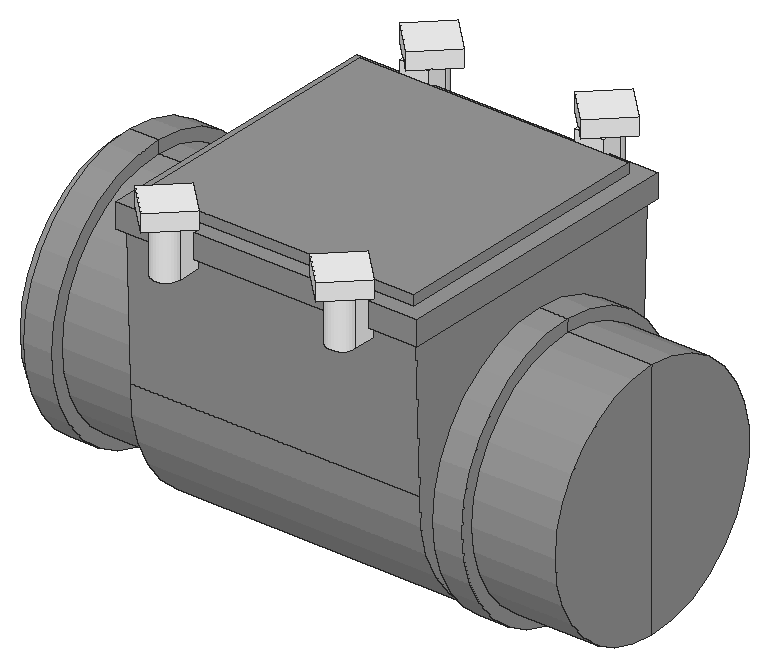
Revit family "HL_Механический канализационный затвор_HL715", category Příslušenství trubek, Revit 2016
Family settings
  Typ součásti = Připojí se k
  Kóta kulaté spojky = Použít průměr
  Číslo OmniClass = 23.65.55.14.21
  Nadpis OmniClass = Non-Return Valves for Liquid Services
  Založené na pracovní rovině = Ne
  Vždy vertikální = Ano
  Ořezat dutým tvarem při načtení = Ne
  Sdílené = Ne
Parameters (values of type "HL_Механический канализационный затвор_HL715")
  РАЗМЕР = "DN160"
  ПРОПУСКНАЯ СПОСОБНОСТЬ [instance] = 0.0 m³/h
  ПРАВОВАЯ ИНФОРМАЦИЯ = "\"Авторские права(©), права на дизайн или какие либо другие права интелектуальной собственности являются исключительной собственностью компании HL Hutterer & Lechner. Изменению не подлежит. Файл семейства с данными о прозводителе изделия защищен паролем с водяным знаком.\""
  ПАДЕНИЕ ДАВЛЕНИЯ [instance] = 0.0 Pa
  НОМИНАЛЬНЫЙ ДИАМЕТР 2 = 160 mm
  НОМИНАЛЬНЫЙ ДИАМЕТР = 160 mm
  МАТЕРИАЛ = "ABS"
  ВЫСОТА МОНТАЖА = "244 mm"
  ВЕС = "2,694 kg"
  Výrobce = "HL Hutterer & Lechner GmbH"
  URL = "http://www.hutterer-lechner.com/ru/products/catalog/roof-drains/HL715.aspx"
  Popis = "Механический канализационный затвор"
  Model = "HL715"
  Komentáře k typům = "Механический магистральный канализационный затвор DN160 с заслонкой из нержавеющей стали"
  Keynote = "HL715"
  EAN = "9003076907151"
  Cena = 0
Types (2, lengths in mm): name | URL | Popis | Komentáře k typům
  (no name) | "http://www.hutterer-lechner.com/en/products/catalog/roof-drains/HL715.aspx" | "Anti flood valves" | "anti-flood valve DN160 with stainless steel flap"
  HL_Механический канализационный затвор_HL715 | "http://www.hutterer-lechner.com/ru/products/catalog/roof-drains/HL715.aspx" | "Механический канализационный затвор" | "Механический магистральный канализационный затвор DN160 с заслонкой из нержавеющей стали"
Values of the unnamed type that differ from the named types
  ПРАВОВАЯ ИНФОРМАЦИЯ = "\"Copyright (©), design rights or any other intellectual property rights, shall be the exclusive property of HL Hutterer & Lechner GmbH. Modification is not allowed. Family has been watermarked.\""
Reference planes
  plane 1 "Střed (vpředu/vzadu)": y = 0
  plane 2: z = 0
  plane 3 "Střed (vlevo/vpravo)": x = 0
Forms (mm)
  Sweep 1, solid, material "Plastic - Orange", detail levels fine
    path origin (106.471, 0, 126.9) x (1, 0, 0) y (0, 0, 1)
      loop
        line (101.5, -24) -> (-101.443, -24)
    profile origin (106.5, 0, 102.9) x (0, 0, -1) y (0, -1, 0)
      loop
        line (-0.5, 0) -> (-0.5, -101.455) -> (99.02, -97.98)
        arc (99.02, -97.98) -> (171.687, -71.286) -> (201.874, 0) r 97.308
        arc (201.874, 0) -> (171.687, 71.286) -> (99.02, 97.98) r 97.308
        line (99.02, 97.98) -> (-0.5, 101.455) -> (-0.5, 0)
  Extrusion 2, solid, material "Plastic - Orange", detail levels fine
    sketch origin (207.971, 0, 103.4) x (-1, 0, 0) y (0, -1, 0)
      loop
        line (-4.2, 105.7) -> (-4.2, -105.7) -> (207.2, -105.7) -> (207.2, 105.7) -> (-4.2, 105.7)
    from 0 to 16.5
  Extrusion 3, solid, material "Plastic - Orange", detail levels fine
    sketch origin (207.971, 0, 119.9) x (-1, 0, 0) y (0, -1, 0)
      loop
        line (196, -94.5) -> (196, 94.5) -> (7, 94.5) -> (7, -94.5) -> (196, -94.5)
    from 0 to 7
  Extrusion 4, solid, material "Plactic - White", detail levels fine
    sketch origin (106.471, 0, 126.9) x (1, 0, 0) y (0, 1, 0)
      loop
        line (71.5, -101.158) -> (51.5, -101.158) -> (51.5, -116.5)
        arc (51.5, -116.5) -> (61.5, -126.5) -> (71.5, -116.5) r 10
        line (71.5, -116.5) -> (71.5, -101.158)
    from -32 to 3.735
  Extrusion 5, solid, material "Plactic - White", detail levels fine
    sketch origin (106.471, 0, 130.635) x (1, 0, 0) y (0, 1, 0)
      loop
        line (84.127, -116.5) -> (61.5, -93.873) -> (38.873, -116.5) -> (61.5, -139.127) -> (84.127, -116.5)
    from 0 to 12
  Extrusion 6, solid, material "Plactic - White", detail levels fine
    sketch origin (-16.529, 0, 126.9) x (1, 0, 0) y (0, 1, 0)
      loop
        line (71.5, -101.158) -> (51.5, -101.158) -> (51.5, -116.5)
        arc (51.5, -116.5) -> (61.5, -126.5) -> (71.5, -116.5) r 10
        line (71.5, -116.5) -> (71.5, -101.158)
    from -32 to 3.735
  Extrusion 7, solid, material "Plactic - White", detail levels fine
    sketch origin (-16.529, 0, 130.635) x (1, 0, 0) y (0, 1, 0)
      loop
        line (84.127, -116.5) -> (61.5, -93.873) -> (38.873, -116.5) -> (61.5, -139.127) -> (84.127, -116.5)
    from 0 to 12
  Extrusion 8, solid, material "Plactic - White", detail levels fine
    sketch origin (106.471, 0, 126.9) x (1, 0, 0) y (0, 1, 0)
      loop
        line (71.5, 101.158) -> (71.5, 116.5)
        arc (71.5, 116.5) -> (61.5, 126.5) -> (51.5, 116.5) r 10
        line (51.5, 116.5) -> (51.5, 101.158) -> (71.5, 101.158)
    from -32 to 3.735
  Extrusion 9, solid, material "Plactic - White", detail levels fine
    sketch origin (106.471, 0, 130.635) x (1, 0, 0) y (0, 1, 0)
      loop
        line (84.127, 116.5) -> (61.5, 139.127) -> (38.873, 116.5) -> (61.5, 93.873) -> (84.127, 116.5)
    from 0 to 12
  Extrusion 10, solid, material "Plactic - White", detail levels fine
    sketch origin (-16.529, 0, 126.9) x (1, 0, 0) y (0, 1, 0)
      loop
        line (71.5, 101.158) -> (71.5, 116.5)
        arc (71.5, 116.5) -> (61.5, 126.5) -> (51.5, 116.5) r 10
        line (51.5, 116.5) -> (51.5, 101.158) -> (71.5, 101.158)
    from -32 to 3.735
  Extrusion 11, solid, material "Plactic - White", detail levels fine
    sketch origin (-16.529, 0, 130.635) x (1, 0, 0) y (0, 1, 0)
      loop
        line (84.127, 116.5) -> (61.5, 139.127) -> (38.873, 116.5) -> (61.5, 93.873) -> (84.127, 116.5)
    from 0 to 12
  Sweep 12, solid, material "Plastic - Orange", not visible, detail levels fine
    path origin (106.471, 0, 126.9) x (1, 0, 0) y (0, 0, 1)
      loop
        line (186.5, -58.4) -> (101.5, -58.4)
    profile origin (250.471, 0, 68.5) x (0, 0, -1) y (0, -1, 0)
      loop
        circle (80, 0) r 80
  Revolve 13, solid, material "Plastic - Orange", detail levels fine
    sketch origin (106.471, 0, 126.9) x (1, 0, 0) y (0, 0, 1)
      loop
        line (-189.5, -126.9) -> (-101.443, -126.9) -> (-101.443, -41.9) -> (-160.5, -41.9) -> (-160.5, -33.366) -> (-180.5, -33.366) -> (-180.5, -41.9) -> (-189.5, -41.9) -> (-189.5, -126.9)
      axis (-101.443, -126.9) -> (-189.5, -126.9)
    angle from 0 to 360
  Revolve 14, solid, material "Plastic - Orange", detail levels fine
    sketch origin (394.414, 0, 115.4) x (1, 0, 0) y (0, 0, 1)
      loop
        line (-186.443, -126.9) -> (-101.443, -126.9) -> (-101.443, -41.9) -> (-160.5, -41.9) -> (-160.5, -33.366) -> (-180.5, -33.366) -> (-180.5, -41.9) -> (-186.443, -41.9) -> (-186.443, -126.9)
      axis (-101.443, -126.9) -> (-186.443, -126.9)
    angle from 0 to 360
Lines and regions (mm)
  symbolic lines, style "Symbol", detail levels coarse+medium
    curve 1: line (292.971, 0, 0) -> (0, 0, 0)
    curve 2: line (271.486, -60, 0) -> (271.486, 60, 0)
    curve 3: line (271.486, 60, 0) -> (21.486, 60, 0)
    curve 4: line (21.486, -60, 0) -> (21.486, 60, 0)
    curve 9: line (146.486, -105, 0) -> (146.486, 105, 0)
    curve 10: line (271.486, -60, 0) -> (21.486, -60, 0)
  model lines, style "Symbol", detail levels coarse+medium
    curve 5: line (0, 0, 0) -> (292.971, 0, -11.5)
    curve 6: line (271.486, 0, -65.75) -> (271.486, 0, 54.25)
    curve 7: line (271.486, 0, 54.25) -> (21.486, 0, 54.25)
    curve 8: line (21.486, 0, -65.75) -> (21.486, 0, 54.25)
    curve 13: line (271.486, 0, -65.75) -> (21.486, 0, -65.75)
  model lines, detail levels coarse+medium
    curve 11: line (146.486, 0, -5.75) -> (146.486, 0, 99.25)
    curve 12: line (146.486, 0, -110.75) -> (146.486, 0, -5.75)
Dimensions and locks
  aligned and locked: level to plane 2
Connectors
  piping at (0, 0, 0), diameter 160, driven by "ПАДЕНИЕ ДАВЛЕНИЯ", driven by "НОМИНАЛЬНЫЙ ДИАМЕТР", driven by "ПРОПУСКНАЯ СПОСОБНОСТЬ"
    settings: on plane 3 "Střed (vlevo/vpravo)", index 1, connector inside diameter 609.6 mm, connector length 0 mm, flow factor 0, pipe flow 0.0 m³/h, pressure drop 0.0 Pa, fitting loss kfactor 0, connector angle 0.00°, fixture units 0, engagement length 0 mm, angle of deflection 0.00°, flow configuration 0, flow direction 0, fitting loss method 4, system type 16, joint type 0, gender type 0, connector reference index -1, connector utility 0, adjustable connector no, is connector primary yes, connector description ""
  piping at (292.971, 0, -11.5), diameter 160, driven by "НОМИНАЛЬНЫЙ ДИАМЕТР 2", driven by "ПРОПУСКНАЯ СПОСОБНОСТЬ"
    settings: on Sweep 12, index 2, connector inside diameter 609.6 mm, connector length 0 mm, flow factor 0, pipe flow 0.0 m³/h, pressure drop 0.0 Pa, fitting loss kfactor 0, connector angle 0.00°, fixture units 0, engagement length 0 mm, angle of deflection 0.00°, flow configuration 1, flow direction 2, fitting loss method 4, system type 16, joint type 0, gender type 0, connector reference index -1, connector utility 0, adjustable connector no, is connector primary no, connector description ""
